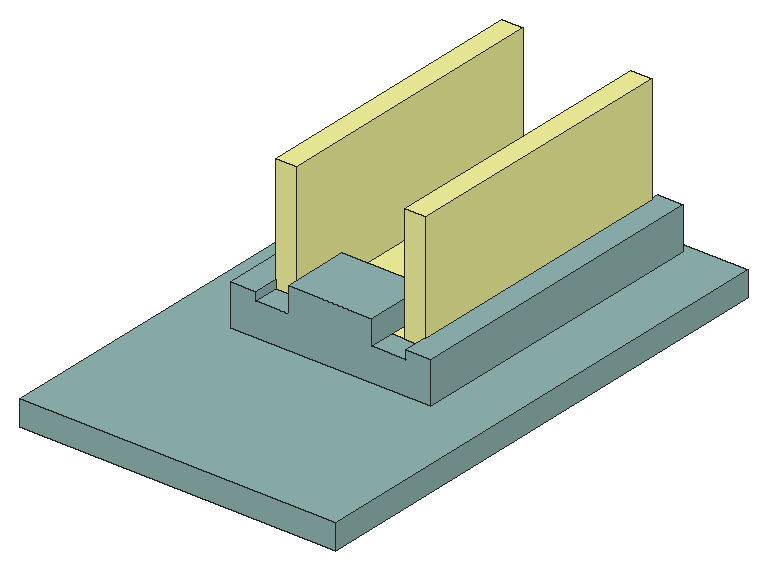
Revit family "DONGLE_TESTE1", category Sistema de mobiliário, Revit 2024
Family settings
  Cota do conector redondo = Utilizar diâmetro
  Tipo de parte = Normal
  Com base no plano de trabalho = Não
  Ativar corte nas vistas = Não
  Sempre na vertical = Sim
  Corte com vazios quando carregada = Não
  Compartilhado = Não
  Ponto de cálculo do ambiente = Não
Parameters
  Elevação padrão = 0 mm
Reference planes
  plane 1 "Centro (Frente/Trás)": y = 0
  plane 2: z = 0
  plane 3 "Centro (Esquerda/Direita)": x = 0
Forms (mm)
  Extrusion 1, solid, material "PECA BASE"
    sketch origin (0, 0, 0) x (1, 0, 0) y (0, 1, 0)
      loop
        line (-19, 31) -> (-19, -31) -> (19, -31) -> (19, 31) -> (-19, 31)
    from 0 to 3
  Extrusion 2, solid, material "PECA BASE"
    sketch origin (0, 0, 0) x (1, 0, 0) y (0, 1, 0)
      loop
        line (-12, 30) -> (-12, -8) -> (-9, -8) -> (-9, 30) -> (-12, 30)
      loop
        line (9, 30) -> (9, -8) -> (12, -8) -> (12, 30) -> (9, 30)
    from 8 to 3
  Extrusion 3, solid, material "PECA BASE"
    sketch origin (0, 0, 0) x (1, 0, 0) y (0, 1, 0)
      loop
        line (-5, -8) -> (5, -8) -> (5, 0) -> (-5, 0) -> (-5, -8)
    from 10 to 7
  Extrusion 4, solid, material "PECA BASE"
    sketch origin (0, 0, 0) x (1, 0, 0) y (0, 1, 0)
      loop
        line (9, -5) -> (-9, -5) -> (-9, -8) -> (9, -8) -> (9, -5)
    from 7 to 3
  Extrusion 5, solid, material "PLACA"
    sketch origin (0, -2, 0) x (1, 0, 0) y (0, 1, 0)
      loop
        line (-9, 31) -> (-9, -3) -> (9, -3) -> (9, 31) -> (-9, 31)
    from 6 to 3
  Extrusion 6, solid, material "PLACA"
    sketch origin (0, -2, 0) x (1, 0, 0) y (0, 1, 0)
      loop
        line (-9, 31) -> (-9, -3) -> (-6.5, -3) -> (-6.5, 31) -> (-9, 31)
    from 21 to 3
  Extrusion 7, solid, material "PLACA"
    sketch origin (15.5, -2, 0) x (1, 0, 0) y (0, 1, 0)
      loop
        line (-9, 31) -> (-9, -3) -> (-6.5, -3) -> (-6.5, 31) -> (-9, 31)
    from 21 to 3
Cuts and joins
  joined: Extrusion 1, Extrusion 2, Extrusion 3, Extrusion 4
  joined: Extrusion 5, Extrusion 6, Extrusion 7
Dimensions and locks
  aligned and locked: level to plane 2
